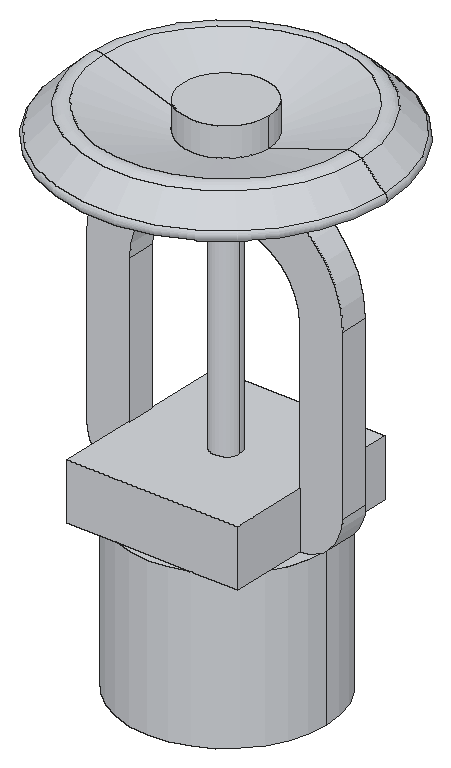
Revit family
Parameters (values of type "RASCO F156 CONVENTIONAL")
  URL = ""
  Temperature Rating = 155 °F
  Response = (empty or 0)
  RASCO SIN # = "RA1325"
  RASCO Part # = "F56C1B"
  Pressure Rating = "175 PSI"
  Pressure Class = (empty or 0)
  Orifice Size = 1/2"
  Orifice = (empty or 0)
  Model = "F156"
  Manufacturer = "RASCO"
  K-Factor = 5.6
  Description = "Bronze Finish"
  Coverage = (empty or 0)
Reference planes (in)
  plane 1 "Center (Front/Back)": y = 0
  plane 2: z = 0
  plane 3 "Center (Left/Right)": x = 0
Nested families (in)
  nested 1: "F56C1B" at (0, 0, 0), type "RASCO F156 CONVENTIONAL"
Connectors (in)
  piping at (0, 0, 0)
    settings: on nested 1, index 1, connector radius 55/128", flow factor 0, pipe flow 0 GPM, pressure drop 0.00 psi, fitting loss kfactor 0, connector angle 0.00°, fixture units 0, flow configuration 0, flow direction 0, fitting loss method 0, system type 7, connector reference index -1, connector utility 0, adjustable connector no, is connector primary yes, fitting loss table "", connector description ""
Definition of nested family "F56C1B"
  Parameters (values of type "RASCO F156 CONVENTIONAL")
    Type Comments = ""
    Temperature Rating = 0 °F
    Response = (empty or 0)
    Pressure Rating = "0"
    Pressure Class = (empty or 0)
    Orifice Size = 0"
    Orifice = (empty or 0)
    Model = ""
    Manufacturer = ""
    K-Factor = 0
    Description = ""
    Coverage = (empty or 0)
    Assembly Code = ""
  Reference planes (in)
    plane 1 "Center (Front/Back)": y = 0
    plane 2: z = 0
    plane 3 "ref.2": z = 0.6875
    plane 4 "ref.3": z = 0.9375
    plane 5: x = -0.38065
    plane 6: x = 0.36935
    plane 7 "ref. side 1": y = 0.06402
    plane 8 "ref. side 2": y = -0.06098
    plane 9 "ref.4": z = 1.875
    plane 10 "ref.5": z = 2.3125
    plane 11 "ref.6": z = 2.4375
  Forms (in)
    Extrusion 1, solid
      sketch origin (0, 0, 0) x (1, 0, 0) y (0, 1, 0)
        loop
          circle (0, 0) r 0.4375
      from 0 to 0.6875
    Extrusion 2, solid
      sketch origin (-0.12185, 0.05177, 0.6875) x (1, 0, 0) y (0, 1, 0)
        loop
          line (-0.2588, 0.356) -> (-0.2588, -0.4565) -> (0.4912, -0.4565) -> (0.4912, 0.356) -> (-0.2588, 0.356)
      from 0 to 0.25
    Extrusion 3, solid
      sketch origin (0, 0, 0) x (1, 0, 0) y (0, 0, 1)
        loop
          line (-0.38065, 0.68754) -> (-0.38065, 1.58397)
          arc (-0.38065, 1.58397) -> (-0.29541, 1.78976) -> (-0.08962, 1.875) r 0.29103
          line (-0.08962, 1.875) -> (0.07524, 1.875)
          arc (0.07524, 1.875) -> (0.28321, 1.78886) -> (0.36935, 1.58089) r 0.29411
          line (0.36935, 1.58089) -> (0.36935, 0.68751)
          arc (0.36935, 0.68751) -> (0.50207, 0.74393) -> (0.55685, 0.87734) r 0.18984
          line (0.55685, 0.87734) -> (0.55685, 1.61676)
          arc (0.55685, 1.61676) -> (0.42629, 1.93194) -> (0.11111, 2.0625) r 0.44574
          line (0.11111, 2.0625) -> (-0.12259, 2.0625)
          arc (-0.12259, 2.0625) -> (-0.43765, 1.932) -> (-0.56815, 1.61694) r 0.44556
          line (-0.56815, 1.61694) -> (-0.56815, 0.87876)
          arc (-0.56815, 0.87876) -> (-0.51345, 0.74486) -> (-0.38065, 0.68754) r 0.19126
      from -0.06402 to 0.06098
    Extrusion 4, solid
      sketch origin (0, 0, 0.9375) x (-1, 0, 0) y (0, -1, 0)
        loop
          circle (0.00574, -0.00152) r 0.0625
      from 0 to 0.9375
    Extrusion 5, solid
      sketch origin (0, 0, 1.875) x (-1, 0, 0) y (0, -1, 0)
        loop
          circle (0.00574, -0.00152) r 0.1875
      from 0 to 0.4375
    Revolve 6, solid
      sketch origin (0, 0, -0.12636) x (1, 0, 0) y (0, 0, 1)
        loop
          line (-0.19416, 2.3128) -> (-0.54342, 2.42628)
          arc (-0.54342, 2.42628) -> (-0.57564, 2.42763) -> (-0.60391, 2.41211) r 0.06
          line (-0.60391, 2.41211) -> (-0.70574, 2.3125)
          arc (-0.70574, 2.3125) -> (-0.70595, 2.27395) -> (-0.66741, 2.27416) r 0.02711
          line (-0.66741, 2.27416) -> (-0.5897, 2.35187)
          arc (-0.5897, 2.35187) -> (-0.56429, 2.3661) -> (-0.53519, 2.36495) r 0.05364
          line (-0.53519, 2.36495) -> (-0.19416, 2.25415) -> (-0.19416, 2.3128)
        axis (-0.00574, 2.42628) -> (-0.00574, 2.25415)
      angle from 0 to 360
  Cuts and joins
    joined: Extrusion 1, Extrusion 2, Extrusion 4
  Lines and regions (in)
    model lines
      curve 1: line (-0.00574, 0.06402, 1.875) -> (-0.00574, -0.06098, 1.875)
